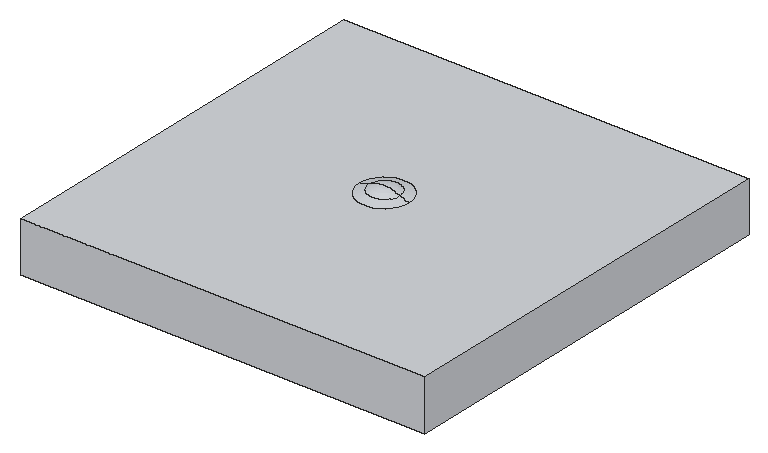
Revit family "HUBO", category Luminaires, Revit 2021
Family settings
  Hôte = Face
  Cote de connecteur circulaire = Utiliser le diamètre
  Type d'élément = Normal
  Couper avec des vides une fois chargée = Oui
  Source d'éclairage = Oui
  Partagée = Non
  Point de calcul de pièce = Oui
Parameters (values of type "830020")
  rayon = 150 mm  # constant formula
  nbr poles = 1  # constant formula
  indice de charge = Eclairage
  hauteur lum = 70 mm  # constant formula
  chanfrein = 2 mm  # constant formula
  URL = "https://www.resistex-sa.com/fr/hubo-1919lm-cct-1420.html"
  Tension = 230 V  # constant formula
  built-in parameter 1150107 = 4000 (stored number, unit not read)
  Wattage = 15.4 W
  built-in parameter 1150110 = 1 (stored number, unit not read)
  built-in parameter 1150109 = 1 (stored number, unit not read)
  built-in parameter 1114218 = 1 (stored number, unit not read)
  built-in parameter 1150113 = 1 (stored number, unit not read)
  built-in parameter 1150112 = 1 (stored number, unit not read)
  built-in parameter 1150137 = (empty or 0)
  built-in parameter 1150132 = (empty or 0)
  Modèle = "HUBO MULTIPUISSANCE 8/14/16 W CCT"
  built-in parameter 1150105 = 2351.7 (stored number, unit not read)
  built-in parameter 1150102 = (empty or 0)
  Type Image = (empty or 0)
  IP = "IP 65"  # constant formula
  IK = "IK 10"  # constant formula
  Gradation des changements de température de couleur de lampe = <Aucun>
  Garantie = "2 ans"  # constant formula
  Lumens = 29552.6 lm
  Color Filter = 16777215
  Fichier de distribution photométrique = "HUBO_830020_LD.ies"
  built-in parameter 1114217 = 1 (stored number, unit not read)
  built-in parameter 1150139 = (empty or 0)
  Fabricant = "Resistex"  # constant formula
  Emit from Circle Diameter = 609.6 mm
  Emettre la visibilité des formes dans le rendu = no
  Default Elevation = 1219.2 mm
  built-in parameter 1150104 = 178.28 (stored number, unit not read)
  built-in parameter 1150106 = 23.517 (stored number, unit not read)
  built-in parameter 1150115 = 1 (stored number, unit not read)
  built-in parameter 1150114 = 1 (stored number, unit not read)
  Description = "Hublot équipé d'une platine LED\r\nCouleur : Blanc - RAL 9016\r\nIP 65, IK 10\r\nVis antivandale\r\nDiam. 305mm x Haut. 72mm\r\nFlux restitué 1919lm ( 1685lm 1013lm)\r\nConso. système 15.4W ( 14W 8W)\r\nEfficacité lumineuse produit complet 124.61lm/W ( 120.35lm/W 126.62lm/W)\r\nLM80 L70F10 > 60000h (Ta25°C)\r\nSVM 0.4\r\nPstLM 1\r\nDiffuseur Polycarbonate Direct/Symétrique Opalescent, Corps en Polycarbonate\r\nIRC 80\r\nGarantie 2 ans\r\nEmpreinte carbone 1.38gCO2/h ( 1.26gCO2/h 0.72gCO2/h)\r\nIndice de réparabilité 8,1"  # constant formula
  built-in parameter 1150138 = (empty or 0)
  built-in parameter 1150134 = 12
  Commentaires relatifs à la puissance = "15.4"
  Apparent Load = 20.53 VA
  built-in parameter 1140040 [instance] = (empty or 0)
  Tilt Angle = 60.00°
  built-in parameter 1150133 = 10 (stored number, unit not read)
Types (5, lengths in mm): name | URL | Wattage | Modèle | built-in parameter 1150105 | Lumens | Fichier de distribution photométrique | built-in parameter 1150104 | built-in parameter 1150106 | Commentaires relatifs à la puissance | Apparent Load
  (no name) | "https://www.resistex-sa.com/fr/hubo-1919lm-cct-1420.html" | 15.4 W | "HUBO MULTIPUISSANCE 8/14/16 W CCT" | 2351.7 (stored number, unit not read) | 29552.6 lm | "HUBO_830020_LD.ies" | 178.28 (stored number, unit not read) | 23.517 (stored number, unit not read) | "15.4" | 20.53 VA
  830020 | "https://www.resistex-sa.com/fr/hubo-1919lm-cct-1420.html" | 15.4 W | "HUBO MULTIPUISSANCE 8/14/16 W CCT" | 2351.7 (stored number, unit not read) | 29552.6 lm | "HUBO_830020_LD.ies" | 178.28 (stored number, unit not read) | 23.517 (stored number, unit not read) | "15.4" | 20.53 VA
  830021 | "https://www.resistex-sa.com/fr/hubo-1919lm-hf-cct-1421.html" | 15.4 W | "HUBO MULTIPUISSANCE 8/14/16 W CCT DETEC" | 2351.7 (stored number, unit not read) | 29552.6 lm | "HUBO_830021_LD.ies" | 178.28 (stored number, unit not read) | 23.517 (stored number, unit not read) | "15.4" | 20.53 VA
  830022 | "https://www.resistex-sa.com/fr/hubo-2882lm-cct-1437.html" | 24 W | "HUBO MULTIPUISSANCE 17/21/24 W CCT" | 5504.2 (stored number, unit not read) | 69168 lm | "HUBO_830022_LD.ies" | 267.75 (stored number, unit not read) | 55.042 (stored number, unit not read) | "24" | 32 VA
  830023 | "https://www.resistex-sa.com/fr/hubo-2882lm-hf-cct-1438.html" | 24 W | "HUBO MULTIPUISSANCE 17/21/24 W DETEC CCT" | 5504.2 (stored number, unit not read) | 69168 lm | "HUBO_830023_LD.ies" | 267.75 (stored number, unit not read) | 55.042 (stored number, unit not read) | "24" | 32 VA
Reference planes
  plane 1 "Centre (avant/arrière)": y = 0
  plane 2: z = 0
  plane 3 "Centre (gauche/droite)": x = 0
  plane 4: x = -150
  plane 5: x = 150
  plane 6: y = -150
  plane 7: y = 150
  plane 8 "1": z = 70
  plane 9: x = 148
Forms (mm)
  Extrusion 1, solid
    sketch origin (0, 0, 0) x (1, 0, 0) y (0, 1, 0)
      loop
        line (-1219.2, 1219.2) -> (-1219.2, -1219.2) -> (1219.2, -1219.2) -> (1219.2, 1219.2) -> (-1219.2, 1219.2)
    from 0 to -304.8
  Revolve 2, solid
    sketch origin (0, 0, 0) x (1, 0, 0) y (0, 0, 1)
      loop
        line (65, 0) -> (150, 30.937) -> (92.044, 46.467)
        arc (92.044, 46.467) -> (47.506, 64.037) -> (0, 70) r 191.354
        line (0, 70) -> (0, 0) -> (65, 0)
      axis (0, 0) -> (0, 70)
    angle from 0 to 360
Dimensions and locks
  "hauteur lum": level to plane 8 "1"
  equal spacing: plane 4, plane 3 "Centre (gauche/droite)", plane 5
  equal spacing: plane 7, plane 1 "Centre (avant/arrière)", plane 6
  "rayon": plane 6 to plane 1 "Centre (avant/arrière)"
  "rayon": plane 4 to plane 3 "Centre (gauche/droite)"
  "chanfrein": plane 9 to plane 5
  aligned and locked: plane 2 to Extrusion 1
  aligned and locked: level to Extrusion 1
  aligned and locked: Revolve 2 sketch curve to plane 3 "Centre (gauche/droite)"
Automatic sketch dimensions
  Extrusion 1 sketch curve to Extrusion 1 sketch curve = 2438.4 mm  (x2)
  Revolve 2 sketch curve to level = 0 mm
  Revolve 2 sketch curve to plane 3 "Centre (gauche/droite)" = 0 mm
  plane 5 to Revolve 2 sketch curve = 0 mm
  Revolve 2 sketch curve to plane 8 "1" = 0 mm
  plane 3 "Centre (gauche/droite)" to Revolve 2 sketch curve = 0.106 mm
  plane 3 "Centre (gauche/droite)" to Revolve 2 sketch curve = 65 mm
  Revolve 2 sketch curve to plane 8 "1" = 23.533 mm
  Revolve 2 sketch curve to Revolve 2 sketch curve = 27.044 mm
  level to Revolve 2 sketch curve = 30.937 mm
  Revolve 2 sketch curve to Revolve 2 sketch curve = 488.246 mm
  Revolve 2 sketch curve to Revolve 2 sketch curve = 2539.058 mm
Connectors
  electrical at (0, 0, 70), driven by "nbr poles", driven by "indice de charge", driven by "Tension", driven by "Apparent Load"
    settings: index 1, voltage 230 V, apparent load 0 VA, apparent load phase1 20.53 VA, apparent load phase2 0 VA, apparent load phase3 0 VA, power factor 1, load classification "Eclairage", number of poles 1, system type 31, power factor state 1, is connector primary yes, connector utility no, sub classification motor no, connector description ""
